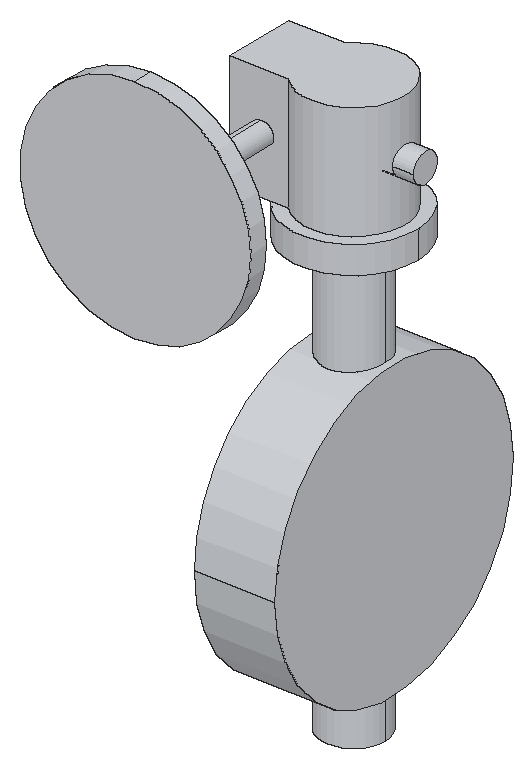
Revit family "HS497-68_disk-nerez_převodové kolo DN150-RFA_2018", category Pipe Accessories, Revit 2018
Family settings
  Round Connector Dimension = Use Diameter
  Part Type = Valve - Breaks Into
  Work Plane-Based = No
  Always vertical = Yes
  Cut with Voids When Loaded = No
  Shared = No
Parameters (values of type "HS 497-68_DN150_PN16_převodové kolo")
  magiProductId = "d94a1a0cf83b476eb10011b327f709"
  magiProductFamilyId = "53cea81e6f374d17b8841d9c72ad77"
  magiPartTypeId = 305
  isMeasuringValve [instance] = no
  ang2D [instance] = 0.00°
  X11 = 61.456 mm
  X1 = 25.456 mm
  W2D = 1000 mm
  VersionID = "2.0/2017.9.26.1/ZETKAMA_497_001"
  Use Minimum Symbol Size [instance] = yes
  URL = "http://www.hydronic.cz"
  Type Comments = "mezipřírubová; nerezový disk; PN16; -10~+110°C (krátkodobě +120°C)"
  SW30 = yes
  SW3 = yes
  SW21 = no
  SW20 = no
  SW2 = no
  SW1 = no
  R = 75 mm
  QmdConnectorList = "301;D;302;D"
  Productdata [instance] = ""
  NC = 50 mm
  Manufacturer = "Hydronic Systems Prague s.r.o."
  MM20 = 25.456 mm
  MC Product Code = "126 150 (nerezový disk, s převodovým kolem; DN150; PN16, kvs1347)"
  M41 = 65.25 mm
  M4 = 43.5 mm
  LHL = 220 mm
  LHH3 = 2.45 mm
  LHH1 = 46.55 mm
  LH1 = 73.333 mm
  L4R__ve = -L4R  # -13.5 mm
  L4R = 13.5 mm
  L42__ve = -L42  # -101.25 mm
  L42 = 101.25 mm
  L41__ve = -L41  # -20.25 mm
  L41 = 20.25 mm
  L2D_Min = 3048 mm
  L2D = 216 mm
  L2 = 28 mm
  L1 = 44.8 mm
  L = 56 mm
  H = 33 mm
  G22 = 11.25 mm
  G2 = 22.5 mm
  G1 = 90 mm
  G = 90 mm
  F = 14 mm
  E44 = 40 mm
  E42 = 80 mm
  E4 = 160 mm
  E23 = 4.9 mm
  E22 = 19.6 mm
  E21 = 9.8 mm
  Description = "Mezipřírubová uzavírací klapka s převodovým kolem; nerezový disk, DN150; PN16; kvs1347"
  DR2 = 75 mm
  DR = 206 mm
  DD1 = 20 mm
  DD = 16 mm
  D = 150 mm
  CAT0 = yes
  B2__ve = -B2  # -58 mm
  B2 = 58 mm
  A2 = 19.3 mm
  A1 = 98.7 mm
Types (43, lengths in mm): name | magiProductId | X11 | X1 | Type Comments | SW30 | SW3 | SW20 | SW2 | SW1 | R | NC | Manufacturer | MM20 | MC Product Code | M41 | M4 | LHL | LHH3 | LHH1 | LH1 | L4R__ve | L4R | L42__ve | L42 | L41__ve | L41 | L2 | L1 | L | H | G | F | E44 | E42 | E4 | E23 | E22 | E21 | Description | DR2 | DR | DD1 | DD | D | B2__ve | B2 | A2 | A1
  HS 497-68_DN100_PN16_volné vřeteno | "65d1b245f4f142c78569c0602d5754" | 61.456 | 25.456 | "mezipřírubová; nerezový disk; PN16; -10~+110°C (krátkodobě +120°C)" | no | no | no | no | yes | 50 | 50 | "Hydronic Systems Prague s.r.o." | 25.456 | "124 100 (nerezový disk, s volným vřetenem; DN100; PN16, kvs512)" | 66 | 44 | 220 | 2.45 | 46.55 | 73.333 | -12.8 | 12.8 | -96 | 96 | -19.2 | 19.2 | 26 | 41.6 | 52 | 30 | 90 | 11 | 31.25 | 62.5 | 125 | 4.9 | 19.6 | 9.8 | "Mezipřírubová uzavírací klapka s volným vřetenem; nerezový disk, DN100; PN16; kvs512" | 50 | 147 | 15.625 | 12.5 | 100 | -56 | 56 | 16.5 | 98.5
  HS 497-68_DN100_PN16_převodové kolo | "11e91b807e674d428c8e796fcdcfe2" | 61.456 | 25.456 | "mezipřírubová; nerezový disk; PN16; -10~+110°C (krátkodobě +120°C)" | yes | yes | no | no | no | 50 | 50 | "Hydronic Systems Prague s.r.o." | 25.456 | "126 100 (nerezový disk, s převodovým kolem; DN100; PN16, kvs512)" | 65.25 | 43.5 | 220 | 2.45 | 46.55 | 73.333 | -12.8 | 12.8 | -96 | 96 | -19.2 | 19.2 | 26 | 41.6 | 52 | 30 | 90 | 11 | 31.25 | 62.5 | 125 | 4.9 | 19.6 | 9.8 | "Mezipřírubová uzavírací klapka s převodovým kolem; nerezový disk, DN100; PN16; kvs512" | 50 | 147 | 15.625 | 12.5 | 100 | -56 | 56 | 16.5 | 98.5
  HS 497-68_DN100_PN16_s pákou | "28172f0b3f4b47b28323ac71cf8749" | 61.456 | 25.456 | "mezipřírubová; nerezový disk; PN16; -10~+110°C (krátkodobě +120°C)" | no | no | yes | yes | no | 50 | 50 | "Hydronic Systems Prague s.r.o." | 25.456 | "121 100 (nerezový disk, s pákou; DN100; PN16, kvs512)" | 66 | 44 | 260 | 3 | 57 | 86.667 | -12.8 | 12.8 | -96 | 96 | -19.2 | 19.2 | 26 | 41.6 | 52 | 30 | 90 | 11 | 31.25 | 62.5 | 125 | 6 | 24 | 12 | "Mezipřírubová uzavírací klapka s pákou; nerezový disk, DN100; PN16; kvs512" | 50 | 147 | 15.625 | 12.5 | 100 | -56 | 56 | 16.5 | 98.5
  HS 497-68_DN125_PN16_volné vřeteno | "0d813d910fc14f628bb3c2efbd185c" | 61.456 | 25.456 | "mezipřírubová; nerezový disk; PN16; -10~+110°C (krátkodobě +120°C)" | no | no | no | no | yes | 62.5 | 50 | "Hydronic Systems Prague s.r.o." | 25.456 | "124 125 (nerezový disk, s volným vřetenem; DN125; PN16, kvs872)" | 66 | 44 | 220 | 2.45 | 46.55 | 73.333 | -12.8 | 12.8 | -96 | 96 | -19.2 | 19.2 | 28 | 44.8 | 56 | 33 | 90 | 14 | 31.25 | 62.5 | 125 | 4.9 | 19.6 | 9.8 | "Mezipřírubová uzavírací klapka s volným vřetenem; nerezový disk, DN125; PN16; kvs872" | 62.5 | 180 | 15.625 | 12.5 | 125 | -64 | 64 | 18 | 99.5
  HS 497-68_DN125_PN16_převodové kolo | "c56b7c13f372467684996fb1e0e229" | 61.456 | 25.456 | "mezipřírubová; nerezový disk; PN16; -10~+110°C (krátkodobě +120°C)" | yes | yes | no | no | no | 62.5 | 50 | "Hydronic Systems Prague s.r.o." | 25.456 | "126125 (nerezový disk, s převodovým kolem; DN125; PN16, kvs872)" | 65.25 | 43.5 | 220 | 2.45 | 46.55 | 73.333 | -13.5 | 13.5 | -101.25 | 101.25 | -20.25 | 20.25 | 28 | 44.8 | 56 | 33 | 90 | 14 | 40 | 80 | 160 | 4.9 | 19.6 | 9.8 | "Mezipřírubová uzavírací klapka s převodovým kolem; nerezový disk, DN125; PN16; kvs872" | 62.5 | 180 | 20 | 16 | 125 | -64 | 64 | 18 | 99.5
  HS 497-68_DN125_PN16_s pákou | "105993c79a91492399feef7931321a" | 61.456 | 25.456 | "mezipřírubová; nerezový disk; PN16; -10~+110°C (krátkodobě +120°C)" | no | no | yes | yes | no | 62.5 | 50 | "Hydronic Systems Prague s.r.o." | 25.456 | "121 125 (nerezový disk, s pákou; DN125; PN16, kvs872)" | 66 | 44 | 315 | 3.75 | 71.25 | 105 | -12.8 | 12.8 | -96 | 96 | -19.2 | 19.2 | 28 | 44.8 | 56 | 33 | 90 | 14 | 31.25 | 62.5 | 125 | 7.5 | 30 | 15 | "Mezipřírubová uzavírací klapka s pákou; nerezový disk, DN125; PN16; kvs872" | 62.5 | 180 | 15.625 | 12.5 | 125 | -64 | 64 | 18 | 99.5
  HS 497-68_DN150_PN16_volné vřeteno | "50c80cb8ab434f55ab7796e5ac1331" | 61.456 | 25.456 | "mezipřírubová; nerezový disk; PN16; -10~+110°C (krátkodobě +120°C)" | no | no | no | no | yes | 75 | 50 | "Hydronic Systems Prague s.r.o." | 25.456 | "124 150 (nerezový disk, s volným vřetenem; DN150; PN16, kvs1347)" | 66 | 44 | 220 | 2.45 | 46.55 | 73.333 | -12.8 | 12.8 | -96 | 96 | -19.2 | 19.2 | 28 | 44.8 | 56 | 33 | 90 | 14 | 31.25 | 62.5 | 125 | 4.9 | 19.6 | 9.8 | "Mezipřírubová uzavírací klapka s volným vřetenem; nerezový disk, DN150; PN16; kvs1347" | 75 | 206 | 15.625 | 12.5 | 150 | -58 | 58 | 19.3 | 98.7
  HS 497-68_DN150_PN16_převodové kolo | "d94a1a0cf83b476eb10011b327f709" | 61.456 | 25.456 | "mezipřírubová; nerezový disk; PN16; -10~+110°C (krátkodobě +120°C)" | yes | yes | no | no | no | 75 | 50 | "Hydronic Systems Prague s.r.o." | 25.456 | "126 150 (nerezový disk, s převodovým kolem; DN150; PN16, kvs1347)" | 65.25 | 43.5 | 220 | 2.45 | 46.55 | 73.333 | -13.5 | 13.5 | -101.25 | 101.25 | -20.25 | 20.25 | 28 | 44.8 | 56 | 33 | 90 | 14 | 40 | 80 | 160 | 4.9 | 19.6 | 9.8 | "Mezipřírubová uzavírací klapka s převodovým kolem; nerezový disk, DN150; PN16; kvs1347" | 75 | 206 | 20 | 16 | 150 | -58 | 58 | 19.3 | 98.7
  HS 497-68_DN150_PN16_s pákou | "4d2835523fe84828bc50ff0a5a0dfb" | 61.456 | 25.456 | "mezipřírubová; nerezový disk; PN16; -10~+110°C (krátkodobě +120°C)" | no | no | yes | yes | no | 75 | 50 | "Hydronic Systems Prague s.r.o." | 25.456 | "121 150 (nerezový disk, s pákou; DN150; PN16, kvs1347)" | 66 | 44 | 315 | 3.75 | 71.25 | 105 | -12.8 | 12.8 | -96 | 96 | -19.2 | 19.2 | 28 | 44.8 | 56 | 33 | 90 | 14 | 31.25 | 62.5 | 125 | 7.5 | 30 | 15 | "Mezipřírubová uzavírací klapka s pákou; nerezový disk, DN150; PN16; kvs1347" | 75 | 206 | 15.625 | 12.5 | 150 | -58 | 58 | 19.3 | 98.7
  HS 497-68_DN200_PN16_volné vřeteno | "5b29029eaeba47139ee1055a4b9201" | 61.456 | 25.456 | "mezipřírubová; nerezový disk; PN16; -10~+110°C (krátkodobě +120°C)" | no | no | no | no | yes | 100 | 50 | "Hydronic Systems Prague s.r.o." | 25.456 | "124 200 (nerezový disk, s volným vřetenem; DN200; PN16, kvs2675)" | 66 | 44 | 220 | 2.45 | 46.55 | 73.333 | -12.8 | 12.8 | -96 | 96 | -19.2 | 19.2 | 30 | 48 | 60 | 33 | 90 | 17 | 31.25 | 62.5 | 125 | 4.9 | 19.6 | 9.8 | "Mezipřírubová uzavírací klapka s volným vřetenem; nerezový disk, DN200; PN16; kvs2675" | 100 | 257 | 15.625 | 12.5 | 200 | -70 | 70 | 22.5 | 102.5
  HS 497-68_DN200_PN16_převodové kolo | "b2793cc1fcc44cf2a35062cd67c04f" | 61.456 | 25.456 | "mezipřírubová; nerezový disk; PN16; -10~+110°C (krátkodobě +120°C)" | yes | yes | no | no | no | 100 | 57 | "Hydronic Systems Prague s.r.o." | 25.456 | "126 200 (nerezový disk, s převodovým kolem; DN200; PN16, kvs2675)" | 78.75 | 52.5 | 220 | 2.45 | 46.55 | 73.333 | -15.2 | 15.2 | -114 | 114 | -22.8 | 22.8 | 30 | 48 | 60 | 33 | 90 | 17 | 50 | 100 | 200 | 4.9 | 19.6 | 9.8 | "Mezipřírubová uzavírací klapka s převodovým kolem; nerezový disk, DN200; PN16; kvs2675" | 100 | 257 | 25 | 20 | 200 | -70 | 70 | 22.5 | 102.5
  HS 497-68_DN200_PN16_s pákou | "f88d96c7af224537a51e72d7d8fffe" | 61.456 | 25.456 | "mezipřírubová; nerezový disk; PN16; -10~+110°C (krátkodobě +120°C)" | no | no | yes | yes | no | 100 | 50 | "Hydronic Systems Prague s.r.o." | 25.456 | "121 200 (nerezový disk, s pákou; DN200; PN16, kvs2675)" | 66 | 44 | 315 | 3.75 | 71.25 | 105 | -12.8 | 12.8 | -96 | 96 | -19.2 | 19.2 | 30 | 48 | 60 | 33 | 90 | 17 | 31.25 | 62.5 | 125 | 7.5 | 30 | 15 | "Mezipřírubová uzavírací klapka s pákou; nerezový disk, DN200; PN16; kvs2675" | 100 | 257 | 15.625 | 12.5 | 200 | -70 | 70 | 22.5 | 102.5
  HS 497-68_DN250_PN16_volné vřeteno | "b662e8305ca2402b9c510e66e6aa55" | 88.77 | 36.77 | "mezipřírubová; nerezový disk; PN16; -10~+110°C (krátkodobě +120°C)" | no | no | no | no | yes | 125 | 50 | "Hydronic Systems Prague s.r.o." | 36.77 | "124 250 (nerezový disk, s volným vřetenem; DN250; PN16, kvs4555)" | 66 | 44 | 220 | 2.45 | 46.55 | 73.333 | -12.8 | 12.8 | -96 | 96 | -19.2 | 19.2 | 34 | 54.4 | 68 | 23 | 130 | 22 | 31.25 | 62.5 | 125 | 4.9 | 19.6 | 9.8 | "Mezipřírubová uzavírací klapka s volným vřetenem; nerezový disk, DN250; PN16; kvs4555" | 125 | 324 | 15.625 | 12.5 | 250 | -85 | 85 | 28.25 | 129.25
  HS 497-68_DN250_PN16_převodové kolo | "5ee9016806664ddfaa2632711f295c" | 88.77 | 36.77 | "mezipřírubová; nerezový disk; PN16; -10~+110°C (krátkodobě +120°C)" | yes | yes | no | no | no | 125 | 70 | "Hydronic Systems Prague s.r.o." | 36.77 | "126 250 (nerezový disk, s převodovým kolem; DN250; PN16, kvs4555)" | 91.5 | 61 | 220 | 2.45 | 46.55 | 73.333 | -22.2 | 22.2 | -166.5 | 166.5 | -33.3 | 33.3 | 34 | 54.4 | 68 | 23 | 130 | 22 | 62.5 | 125 | 250 | 4.9 | 19.6 | 9.8 | "Mezipřírubová uzavírací klapka s převodovým kolem; nerezový disk, DN250; PN16; kvs4555" | 125 | 324 | 31.25 | 25 | 250 | -85 | 85 | 28.25 | 129.25
  HS 497-68_DN300_PN16_volné vřeteno | "e1886f51ff004380a649519258edf2" | 88.77 | 36.77 | "mezipřírubová; nerezový disk; PN16; -10~+110°C (krátkodobě +120°C)" | no | no | no | no | yes | 150 | 50 | "Hydronic Systems Prague s.r.o." | 36.77 | "124 300 (nerezový disk, s volným vřetenem; DN300; PN16, kvs7037)" | 66 | 44 | 220 | 2.45 | 46.55 | 73.333 | -12.8 | 12.8 | -96 | 96 | -19.2 | 19.2 | 39 | 62.4 | 78 | 23 | 130 | 22 | 31.25 | 62.5 | 125 | 4.9 | 19.6 | 9.8 | "Mezipřírubová uzavírací klapka s volným vřetenem; nerezový disk, DN300; PN16; kvs7037" | 150 | 376 | 15.625 | 12.5 | 300 | -90 | 90 | 30.8 | 127.2
  HS 497-68_DN300_PN16_převodové kolo | "6860f094f77d42088fbebc3c97f755" | 88.77 | 36.77 | "mezipřírubová; nerezový disk; PN16; -10~+110°C (krátkodobě +120°C)" | yes | yes | no | no | no | 150 | 70 | "Hydronic Systems Prague s.r.o." | 36.77 | "126 300 (nerezový disk, s převodovým kolem; DN300; PN16, kvs7037)" | 91.5 | 61 | 220 | 2.45 | 46.55 | 73.333 | -22.2 | 22.2 | -166.5 | 166.5 | -33.3 | 33.3 | 39 | 62.4 | 78 | 23 | 130 | 22 | 62.5 | 125 | 250 | 4.9 | 19.6 | 9.8 | "Mezipřírubová uzavírací klapka s převodovým kolem; nerezový disk, DN300; PN16; kvs7037" | 150 | 376 | 31.25 | 25 | 300 | -90 | 90 | 30.8 | 127.2
  HS 497-68_DN032_PN16_volné vřeteno | "8c5f65de52aa4067a77564107e31b2" | 61.456 | 25.456 | "mezipřírubová; nerezový disk; PN16; -10~+110°C (krátkodobě +120°C)" | no | no | no | no | yes | 16 | 50 | "Hydronic Systems Prague s.r.o." | 25.456 | "124 032 (nerezový disk, s volným vřetenem; DN32; PN16, kvs78)" | 66 | 44 | 220 | 2.45 | 46.55 | 73.333 | -12.8 | 12.8 | -96 | 96 | -19.2 | 19.2 | 16.5 | 26.4 | 33 | 30 | 90 | 11 | 31.25 | 62.5 | 125 | 4.9 | 19.6 | 9.8 | "Mezipřírubová uzavírací klapka s volným vřetenem; nerezový disk, DN32; PN16; kvs78" | 16 | 68 | 15.625 | 12.5 | 32 | -44.2 | 44.2 | 10.25 | 76.25
  HS 497-68_DN032_PN16_převodové kolo | "60aaeffa8b3a4e809ef000e4660060" | 61.456 | 25.456 | "mezipřírubová; nerezový disk; PN16; -10~+110°C (krátkodobě +120°C)" | yes | yes | no | no | no | 16 | 50 | "Hydronic Systems Prague s.r.o." | 25.456 | "126 032 (nerezový disk, s převodovým kolem; DN32; PN16, kvs78)" | 65.25 | 43.5 | 220 | 2.45 | 46.55 | 73.333 | -12.8 | 12.8 | -96 | 96 | -19.2 | 19.2 | 16.5 | 26.4 | 33 | 30 | 90 | 11 | 31.25 | 62.5 | 125 | 4.9 | 19.6 | 9.8 | "Mezipřírubová uzavírací klapka s převodovým kolem; nerezový disk, DN32; PN16; kvs78" | 16 | 68 | 15.625 | 12.5 | 32 | -44.2 | 44.2 | 10.25 | 76.25
  HS 497-68_DN032_PN16_s pákou | "9ad8088d610749a1b871aa2aad8007" | 61.456 | 25.456 | "mezipřírubová; nerezový disk; PN16; -10~+110°C (krátkodobě +120°C)" | no | no | yes | yes | no | 16 | 50 | "Hydronic Systems Prague s.r.o." | 25.456 | "121 032 (nerezový disk, s pákou; DN32; PN16, kvs78)" | 66 | 44 | 220 | 2.45 | 46.55 | 73.333 | -12.8 | 12.8 | -96 | 96 | -19.2 | 19.2 | 16.5 | 26.4 | 33 | 30 | 90 | 11 | 31.25 | 62.5 | 125 | 4.9 | 19.6 | 9.8 | "Mezipřírubová uzavírací klapka s pákou; nerezový disk, DN32; PN16; kvs78" | 16 | 68 | 15.625 | 12.5 | 32 | -44.2 | 44.2 | 10.25 | 76.25
  HS 497-68_DN350_PN10_volné vřeteno | "72a1e05f22944421b7e9596a877137" | 109.255 | 45.255 | "mezipřírubová; nerezový disk; PN10; -10~+110°C (krátkodobě +120°C)" | no | no | no | no | yes | 175 | 50 | "Hydronic Systems Prague s.r.o." | 45.255 | "124 350 (nerezový disk, s volným vřetenem; DN350; PN10, kvs10165)" | 66 | 44 | 220 | 2.45 | 46.55 | 73.333 | -12.8 | 12.8 | -96 | 96 | -19.2 | 19.2 | 39 | 62.4 | 78 | 31 | 160 | 22 | 31.25 | 62.5 | 125 | 4.9 | 19.6 | 9.8 | "Mezipřírubová uzavírací klapka s volným vřetenem; nerezový disk, DN350; PN10; kvs10165" | 175 | 430 | 15.625 | 12.5 | 350 | -88 | 88 | 33.85 | 129.65
  HS 497-68_DN350_PN10_převodové kolo | "a5a01426cb28494ba3afca92f1dace" | 109.255 | 45.255 | "mezipřírubová; nerezový disk; PN10; -10~+110°C (krátkodobě +120°C)" | yes | yes | no | no | no | 175 | 70 | "Hydronic Systems Prague s.r.o." | 45.255 | "126 350 (nerezový disk, s převodovým kolem; DN350; PN10, kvs10165)" | 91.5 | 61 | 220 | 2.45 | 46.55 | 73.333 | -22.2 | 22.2 | -166.5 | 166.5 | -33.3 | 33.3 | 39 | 62.4 | 78 | 31 | 160 | 22 | 62.5 | 125 | 250 | 4.9 | 19.6 | 9.8 | "Mezipřírubová uzavírací klapka s převodovým kolem; nerezový disk, DN350; PN10; kvs10165" | 175 | 430 | 31.25 | 25 | 350 | -88 | 88 | 33.85 | 129.65
  HS 497-68_DN400_PN10_volné vřeteno | "c70ebeb927c04ab99b176e257ad0a7" | 109.255 | 45.255 | "mezipřírubová; nerezový disk; PN10; -10~+110°C (krátkodobě +120°C)" | no | no | no | no | yes | 200 | 50 | "Hydronic Systems Prague s.r.o." | 45.255 | "124 400 (nerezový disk, s volným vřetenem; DN400; PN10, kvs13799)" | 66 | 44 | 220 | 2.45 | 46.55 | 73.333 | -12.8 | 12.8 | -96 | 96 | -19.2 | 19.2 | 51 | 81.6 | 102 | 31 | 160 | 27 | 31.25 | 62.5 | 125 | 4.9 | 19.6 | 9.8 | "Mezipřírubová uzavírací klapka s volným vřetenem; nerezový disk, DN400; PN10; kvs13799" | 200 | 485 | 15.625 | 12.5 | 400 | -108 | 108 | 38 | 142
  HS 497-68_DN400_PN10_převodové kolo | "cc64a4384dcb41b780d81810f4f293" | 109.255 | 45.255 | "mezipřírubová; nerezový disk; PN10; -10~+110°C (krátkodobě +120°C)" | yes | yes | no | no | no | 200 | 72.5 | "Hydronic Systems Prague s.r.o." | 45.255 | "126 400 (nerezový disk, s převodovým kolem; DN400; PN10, kvs13799)" | 103.5 | 69 | 220 | 2.45 | 46.55 | 73.333 | -27.8 | 27.8 | -208.5 | 208.5 | -41.7 | 41.7 | 51 | 81.6 | 102 | 31 | 160 | 27 | 75 | 150 | 300 | 4.9 | 19.6 | 9.8 | "Mezipřírubová uzavírací klapka s převodovým kolem; nerezový disk, DN400; PN10; kvs13799" | 200 | 485 | 37.5 | 30 | 400 | -108 | 108 | 38 | 142
  HS 497-68_DN040_PN16_volné vřeteno | "35f92312390745e88df5b5c325d9ee" | 61.456 | 25.456 | "mezipřírubová; nerezový disk; PN16; -10~+110°C (krátkodobě +120°C)" | no | no | no | no | yes | 20 | 50 | "Hydronic Systems Prague s.r.o." | 25.456 | "124 040 (nerezový disk, s volným vřetenem; DN40; PN16, kvs78)" | 66 | 44 | 220 | 2.45 | 46.55 | 73.333 | -12.8 | 12.8 | -96 | 96 | -19.2 | 19.2 | 16.5 | 26.4 | 33 | 30 | 90 | 11 | 31.25 | 62.5 | 125 | 4.9 | 19.6 | 9.8 | "Mezipřírubová uzavírací klapka s volným vřetenem; nerezový disk, DN40; PN16; kvs78" | 20 | 76 | 15.625 | 12.5 | 40 | -36 | 36 | 11 | 79
  HS 497-68_DN040_PN16_převodové kolo | "d88e968eae3445bc9b7b4e6ff35127" | 61.456 | 25.456 | "mezipřírubová; nerezový disk; PN16; -10~+110°C (krátkodobě +120°C)" | yes | yes | no | no | no | 20 | 50 | "Hydronic Systems Prague s.r.o." | 25.456 | "126 040 (nerezový disk, s převodovým kolem; DN40; PN16, kvs78)" | 65.25 | 43.5 | 220 | 2.45 | 46.55 | 73.333 | -12.8 | 12.8 | -96 | 96 | -19.2 | 19.2 | 16.5 | 26.4 | 33 | 30 | 90 | 11 | 31.25 | 62.5 | 125 | 4.9 | 19.6 | 9.8 | "Mezipřírubová uzavírací klapka s převodovým kolem; nerezový disk, DN40; PN16; kvs78" | 20 | 76 | 15.625 | 12.5 | 40 | -36 | 36 | 11 | 79
  HS 497-68_DN040_PN16_s pákou | "c1b522ca65b4407a98818f232eaacb" | 61.456 | 25.456 | "mezipřírubová; nerezový disk; PN16; -10~+110°C (krátkodobě +120°C)" | no | no | yes | yes | no | 20 | 50 | "Hydronic Systems Prague s.r.o." | 25.456 | "121 040 (nerezový disk, s pákou; DN40; PN16, kvs78)" | 66 | 44 | 220 | 2.45 | 46.55 | 73.333 | -12.8 | 12.8 | -96 | 96 | -19.2 | 19.2 | 16.5 | 26.4 | 33 | 30 | 90 | 11 | 31.25 | 62.5 | 125 | 4.9 | 19.6 | 9.8 | "Mezipřírubová uzavírací klapka s pákou; nerezový disk, DN40; PN16; kvs78" | 20 | 76 | 15.625 | 12.5 | 40 | -36 | 36 | 11 | 79
  HS 497-68_DN450_PN10_volné vřeteno | "a8358bc282f14872b3194e530e590a" | 129.74 | 53.74 | "mezipřírubová; nerezový disk; PN10; -10~+110°C (krátkodobě +120°C)" | no | no | no | no | yes | 225 | 50 | "Hydronic Systems Prague s.r.o." | 53.74 | "124 450 (nerezový disk, s volným vřetenem; DN450; PN10, kvs18514)" | 66 | 44 | 220 | 2.45 | 46.55 | 73.333 | -12.8 | 12.8 | -96 | 96 | -19.2 | 19.2 | 57 | 91.2 | 114 | 38 | 190 | 36 | 31.25 | 62.5 | 125 | 4.9 | 19.6 | 9.8 | "Mezipřírubová uzavírací klapka s volným vřetenem; nerezový, DN450; PN10; kvs18514" | 225 | 536 | 15.625 | 12.5 | 450 | -115 | 115 | 38.05 | 117.45
  HS 497-68_DN450_PN10_převodové kolo | "cdf2d80f54a9414f9cbe50647c0ebd" | 129.74 | 53.74 | "mezipřírubová; nerezový disk; PN10; -10~+110°C (krátkodobě +120°C)" | yes | yes | no | no | no | 225 | 91.5 | "Zetkama" | 53.74 | "126 450 (nerezový disk, s převodovým kolem; DN450; PN10, kvs18514)" | 144.75 | 96.5 | 220 | 2.45 | 46.55 | 73.333 | -32.1 | 32.1 | -240.75 | 240.75 | -48.15 | 48.15 | 57 | 91.2 | 114 | 38 | 190 | 36 | 100 | 200 | 400 | 4.9 | 19.6 | 9.8 | "Mezipřírubová uzavírací klapka s převodovým kolem; nerezový disk, DN450; PN10; kvs18514" | 225 | 536 | 50 | 40 | 450 | -115 | 115 | 38.05 | 117.45
  HS 497-68_DN500_PN10_volné vřeteno | "8c396e27bb2743f98f3c762b6517cd" | 143.397 | 59.397 | "mezipřírubová; nerezový disk; PN10; -10~+110°C (krátkodobě +120°C)" | no | no | no | no | yes | 250 | 50 | "Hydronic Systems Prague s.r.o." | 59.397 | "124 500 (nerezový disk, s volným vřetenem; DN500; PN10, kvs23805)" | 66 | 44 | 220 | 2.45 | 46.55 | 73.333 | -12.8 | 12.8 | -96 | 96 | -19.2 | 19.2 | 63.5 | 101.6 | 127 | 38 | 210 | 36 | 31.25 | 62.5 | 125 | 4.9 | 19.6 | 9.8 | "Mezipřírubová uzavírací klapka s volným vřetenem; nerezový disk, DN500; PN10; kvs23805" | 250 | 593 | 15.625 | 12.5 | 500 | -130 | 130 | 43.25 | 139.25
  HS 497-68_DN500_PN10_převodové kolo | "7647804f32e94cef828a7034a91a46" | 143.397 | 59.397 | "mezipřírubová; nerezový disk; PN10; -10~+110°C (krátkodobě +120°C)" | yes | yes | no | no | no | 250 | 91.5 | "Zetkama" | 59.397 | "126 500 (nerezový disk, s převodovým kolem; DN500; PN10, kvs23805)" | 144.75 | 96.5 | 220 | 2.45 | 46.55 | 73.333 | -32.1 | 32.1 | -240.75 | 240.75 | -48.15 | 48.15 | 63.5 | 101.6 | 127 | 38 | 210 | 36 | 100 | 200 | 400 | 4.9 | 19.6 | 9.8 | "Mezipřírubová uzavírací klapka s převodovým kolem; nerezový disk, DN500; PN10; kvs23805" | 250 | 593 | 50 | 40 | 500 | -130 | 130 | 43.25 | 139.25
  HS 497-68_DN050_volné vřeteno | "d71f296ecd6d4adf8f6e5d9853b4e0" | 61.456 | 25.456 | "mezipřírubová; nerezový disk; PN16; -10~+110°C (krátkodobě +120°C)" | no | no | no | no | yes | 25 | 50 | "Hydronic Systems Prague s.r.o." | 25.456 | "124 050 (nerezový disk, s volným vřetenem; DN50; PN16, kvs98)" | 66 | 44 | 220 | 2.45 | 46.55 | 73.333 | -12.8 | 12.8 | -96 | 96 | -19.2 | 19.2 | 21.5 | 34.4 | 43 | 30 | 90 | 11 | 31.25 | 62.5 | 125 | 4.9 | 19.6 | 9.8 | "Mezipřírubová uzavírací klapka s volným vřetenem; nerezový disk, DN50; PN16; kvs98" | 25 | 100 | 15.625 | 12.5 | 50 | -36.5 | 36.5 | 12 | 83
  HS 497-68_DN050_PN16_převodové kolo | "2fb080deeaed49c58418b94c1da5a4" | 61.456 | 25.456 | "mezipřírubová; nerezový disk; PN16; -10~+110°C (krátkodobě +120°C)" | yes | yes | no | no | no | 25 | 50 | "Hydronic Systems Prague s.r.o." | 25.456 | "126 050 (nerezový disk, s převodovým kolem; DN50; PN16, kvs98)" | 65.25 | 43.5 | 220 | 2.45 | 46.55 | 73.333 | -12.8 | 12.8 | -96 | 96 | -19.2 | 19.2 | 21.5 | 34.4 | 43 | 30 | 90 | 11 | 31.25 | 62.5 | 125 | 4.9 | 19.6 | 9.8 | "Mezipřírubová uzavírací klapka s převodovým kolem; nerezový disk, DN50; PN16; kvs98" | 25 | 100 | 15.625 | 12.5 | 50 | -36.5 | 36.5 | 12 | 83
  HS 497-68_DN050_PN16_s pákou | "dabc632061f94877a994b9b4e68112" | 61.456 | 25.456 | "mezipřírubová; nerezový disk; PN16; -10~+110°C (krátkodobě +120°C)" | no | no | yes | yes | no | 25 | 50 | "Hydronic Systems Prague s.r.o." | 25.456 | "121 050 (nerezový disk, s pákou; DN50; PN16, kvs98)" | 66 | 44 | 220 | 2.45 | 46.55 | 73.333 | -12.8 | 12.8 | -96 | 96 | -19.2 | 19.2 | 21.5 | 34.4 | 43 | 30 | 90 | 11 | 31.25 | 62.5 | 125 | 4.9 | 19.6 | 9.8 | "Mezipřírubová uzavírací klapka s pákou; nerezový disk, DN50; PN16; kvs98" | 25 | 100 | 15.625 | 12.5 | 50 | -36.5 | 36.5 | 12 | 83
  HS 497-68_DN600_PN10_volné vřeteno | "99d5892c14664fce81a7c5903f7711" | 143.397 | 59.397 | "mezipřírubová; nerezový disk; PN10; -10~+110°C (krátkodobě +120°C)" | no | no | no | no | yes | 300 | 50 | "Hydronic Systems Prague s.r.o." | 59.397 | "124 600 (nerezový disk, s volným vřetenem; DN600; PN10, kvs36778)" | 66 | 44 | 220 | 2.45 | 46.55 | 73.333 | -12.8 | 12.8 | -96 | 96 | -19.2 | 19.2 | 77 | 123.2 | 154 | 80 | 210 | 60 | 31.25 | 62.5 | 125 | 4.9 | 19.6 | 9.8 | "Mezipřírubová uzavírací klapka s volným vřetenem; nerezový disk, DN600; PN10; kvs36788" | 300 | 690 | 15.625 | 12.5 | 600 | -140 | 140 | 49.4 | 144.6
  HS 497-68_DN600_PN10_převodové kolo | "b1e26faab48a4c499f6bb11e7e3002" | 143.397 | 59.397 | "mezipřírubová; lnerezový disk; PN10; -10~+110°C (krátkodobě +120°C)" | yes | yes | no | no | no | 300 | 140 | "Hydronic Systems Prague s.r.o." | 59.397 | "126 600 (nerezový disk, s převodovým kolem; DN600; PN10, kvs36778)" | 206.25 | 137.5 | 220 | 2.45 | 46.55 | 73.333 | -40.8 | 40.8 | -306 | 306 | -61.2 | 61.2 | 77 | 123.2 | 154 | 80 | 210 | 60 | 125 | 250 | 500 | 4.9 | 19.6 | 9.8 | "Mezipřírubová uzavírací klapka s převodovým kolem; nerezový disk, DN600; PN10; kvs36788" | 300 | 690 | 62.5 | 50 | 600 | -140 | 140 | 49.4 | 144.6
  HS 497-68_DN065_PN16_volné vřeteno | "5e5e208646e34ec29f889baab5d08e" | 61.456 | 25.456 | "mezipřírubová; lnerezový disk; PN16; -10~+110°C (krátkodobě +120°C)" | no | no | no | no | yes | 32.5 | 50 | "Hydronic Systems Prague s.r.o." | 25.456 | "124 065 (nerezový disk, s volným vřetenem; DN65; PN16, kvs167)" | 66 | 44 | 220 | 2.45 | 46.55 | 73.333 | -12.8 | 12.8 | -96 | 96 | -19.2 | 19.2 | 23 | 36.8 | 46 | 30 | 90 | 11 | 31.25 | 62.5 | 125 | 4.9 | 19.6 | 9.8 | "Mezipřírubová uzavírací klapka s volným vřetenem; nerezový disk, DN65; PN16; kv167" | 32.5 | 108 | 15.625 | 12.5 | 65 | -36.5 | 36.5 | 13.5 | 89
  HS 497-68_DN065_PN16_převodové kolo | "654d74c8d15540b0bfe523d988ccb3" | 61.456 | 25.456 | "mezipřírubová; nerezový disk; PN16; -10~+110°C (krátkodobě +120°C)" | yes | yes | no | no | no | 32.5 | 50 | "Hydronic Systems Prague s.r.o." | 25.456 | "126 065 (nerezový disk, s převodovým kolem; DN65; PN16, kvs167)" | 65.25 | 43.5 | 220 | 2.45 | 46.55 | 73.333 | -12.8 | 12.8 | -96 | 96 | -19.2 | 19.2 | 23 | 36.8 | 46 | 30 | 90 | 11 | 31.25 | 62.5 | 125 | 4.9 | 19.6 | 9.8 | "Mezipřírubová uzavírací klapka s převodovým kolem; nerezový disk, DN65; PN16; kvs167" | 32.5 | 108 | 15.625 | 12.5 | 65 | -36.5 | 36.5 | 13.5 | 89
  HS 497-68_DN065_PN16_s pákou | "ebeb4b59db0641caaf6d6635ab37b9" | 61.456 | 25.456 | "mezipřírubová; nerezový disk; PN16; -10~+110°C (krátkodobě +120°C)" | no | no | yes | yes | no | 32.5 | 50 | "Hydronic Systems Prague s.r.o." | 25.456 | "121 065 (nerezový disk, s pákou; DN65; PN16, kvs167)" | 66 | 44 | 220 | 2.45 | 46.55 | 73.333 | -12.8 | 12.8 | -96 | 96 | -19.2 | 19.2 | 23 | 36.8 | 46 | 30 | 90 | 11 | 31.25 | 62.5 | 125 | 4.9 | 19.6 | 9.8 | "Mezipřírubová uzavírací klapka s pákou; nerezový disk, DN65; PN16; kvs167" | 32.5 | 108 | 15.625 | 12.5 | 65 | -36.5 | 36.5 | 13.5 | 89
  HS 497-68_DN080_PN16_volné vřeteno | "9e85c75c18654e1185a9c48ed6b00e" | 61.456 | 25.456 | "mezipřírubová; nerezový disk; PN16; -10~+110°C (krátkodobě +120°C)" | no | no | no | no | yes | 40 | 50 | "Hydronic Systems Prague s.r.o." | 25.456 | "124 080 (nerezový disk, s volným vřetenem; DN80; PN16, kvs258)" | 66 | 44 | 220 | 2.45 | 46.55 | 73.333 | -12.8 | 12.8 | -96 | 96 | -19.2 | 19.2 | 23 | 36.8 | 46 | 30 | 90 | 11 | 31.25 | 62.5 | 125 | 4.9 | 19.6 | 9.8 | "Mezipřírubová uzavírací klapka s volným vřetenem; nerezový disk, DN80; PN16; kvs258" | 40 | 124 | 15.625 | 12.5 | 80 | -54 | 54 | 14.1 | 86.9
  HS 497-68_DN080_PN16_převodové kolo | "5b3c8238c3d041e68c75b199e7ea46" | 61.456 | 25.456 | "mezipřírubová; nerezový disk; PN16; -10~+110°C (krátkodobě +120°C)" | yes | yes | no | no | no | 40 | 50 | "Hydronic Systems Prague s.r.o." | 25.456 | "126 080 (nerezový disk, s převodovým kolem; DN80; PN16, kvs258)" | 65.25 | 43.5 | 220 | 2.45 | 46.55 | 73.333 | -12.8 | 12.8 | -96 | 96 | -19.2 | 19.2 | 23 | 36.8 | 46 | 30 | 90 | 11 | 31.25 | 62.5 | 125 | 4.9 | 19.6 | 9.8 | "Mezipřírubová uzavírací klapka s převodovým kolem; nerezový disk, DN80; PN16; kvs258" | 40 | 124 | 15.625 | 12.5 | 80 | -54 | 54 | 14.1 | 86.9
  HS 497-68_DN080_PN16_s pákou | "e414795fab0f4eccb99bc3572c5477" | 61.456 | 25.456 | "mezipřírubová; nerezový disk; PN16; -10~+110°C (krátkodobě +120°C)" | no | no | yes | yes | no | 40 | 50 | "Hydronic Systems Prague s.r.o." | 25.456 | "121 080 (nerezový disk, s pákou; DN80; PN16, kvs258)" | 66 | 44 | 260 | 3 | 57 | 86.667 | -12.8 | 12.8 | -96 | 96 | -19.2 | 19.2 | 23 | 36.8 | 46 | 30 | 90 | 11 | 31.25 | 62.5 | 125 | 6 | 24 | 12 | "Mezipřírubová uzavírací klapka s pákou; nerezový disk, DN80; PN16; kvs258" | 40 | 124 | 15.625 | 12.5 | 80 | -54 | 54 | 14.1 | 86.9
  HS 497-68_DN250_PN16_s pákou | "" | 88.77 | 36.77 | "mezipřírubová; nerezový disk; PN16; -10~+110°C (krátkodobě +120°C)" | no | no | yes | yes | no | 125 | 70 | "Hydronic Systems Prague s.r.o." | 36.77 | "121 250 (nerezový disk, s ákou; DN250; PN16, kvs4555)" | 91.5 | 61 | 220 | 2.45 | 46.55 | 73.333 | -22.2 | 22.2 | -166.5 | 166.5 | -33.3 | 33.3 | 34 | 54.4 | 68 | 23 | 130 | 22 | 62.5 | 125 | 250 | 4.9 | 19.6 | 9.8 | "Mezipřírubová uzavírací klapka s pákou; nerezový disk, DN250; PN16; kvs4555" | 125 | 324 | 31.25 | 25 | 250 | -85 | 85 | 28.25 | 129.25
  HS 497-68_DN300_PN16_s pákou | "" | 88.77 | 36.77 | "mezipřírubová; nerezový disk; PN16; -10~+110°C (krátkodobě +120°C)" | no | no | yes | yes | no | 150 | 70 | "Hydronic Systems Prague s.r.o." | 36.77 | "121 300 (nerezový disk, s pákou; DN300; PN16, kvs7037)" | 91.5 | 61 | 220 | 2.45 | 46.55 | 73.333 | -22.2 | 22.2 | -166.5 | 166.5 | -33.3 | 33.3 | 39 | 62.4 | 78 | 23 | 130 | 22 | 62.5 | 125 | 250 | 4.9 | 19.6 | 9.8 | "Mezipřírubová uzavírací klapka s pákou; nerezový disk, DN300; PN16; kvs7037" | 150 | 376 | 31.25 | 25 | 300 | -90 | 90 | 30.8 | 127.2
Reference planes
  plane 1 "Center (Front/Back)": y = 0
  plane 2 "XYPLANE": z = 0
  plane 3 "Center (Left/Right)": x = 0
  plane 4 "473": x = -25.456
  plane 5 "472": x = -65.25
  plane 6 "471": y = -25.456
  plane 7 "470": y = 25.456
  plane 8 "469": x = -43.5
  plane 9 "468": y = -121.5
  plane 10 "467": y = -101.25
  plane 11 "466": z = 233
  plane 12 "465": z = 239.55
  plane 13 "464": y = 145.417
  plane 14 "463": z = 229.75
  plane 15 "462": z = 212.6
  plane 16 "461": z = 222.4
  plane 17 "460": y = 72.083
  plane 18 "459": x = -11.25
  plane 19 "458": x = 11.25
  plane 20 "457": y = -6.25
  plane 21 "456": x = -17.5
  plane 22 "455": x = 17.5
  plane 23 "454": z = 227.3
  plane 24 "453": y = 62.083
  plane 25 "452": y = -11.25
  plane 26 "451": x = -22.5
  plane 27 "450": x = 22.5
  plane 28 "449": z = 207.7
  plane 29 "448": z = 202.8
  plane 30 "447": z = -75
  plane 31 "446": z = 193
  plane 32 "445": z = 173.7
  plane 33 "444": z = 75
  plane 34 "443": x = 28
  plane 35 "442": x = -28
  plane 36 "441": z = 0
  plane 37 "440": y = 0
  plane 38 "439": x = 0
  plane 39 "438": z = 242
  plane 40 "437": z = 227.3
  plane 41 "436": x = 13.7
  plane 42 "435": x = -13.7
  plane 43 "434": y = 220
Forms (mm)
  Extrusion 1, solid, visible <- "SW3"
    sketch origin (-750, 0, 193) x (1, 0, 0) y (0, 1, 0)
      loop
        line (684.75, 25.456) -> (684.75, -25.456) -> (724.544, -25.456)
        arc (724.544, -25.456) -> (786, 0) -> (724.544, 25.456) r 36
        line (724.544, 25.456) -> (684.75, 25.456)
    from 0 to 80 <- "E42"
  Extrusion 2, solid, visible <- "SW30"
    sketch origin (0, -750, 0) x (0, 1, 0) y (0, 0, 1)
      loop
        circle (750, 233) r 10
    from 0 to 50 <- "NC"
  Extrusion 3, solid, visible <- "SW30"
    sketch origin (750, -121.5, 0) x (-1, 0, 0) y (0, 0, 1)
      loop
        circle (793.5, 233) r 80
    from 0 to -13.5 <- "L4R__ve"
  Extrusion 4, solid, visible <- "SW3"
    sketch origin (750, -101.25, 0) x (-1, 0, 0) y (0, 0, 1)
      loop
        circle (793.5, 233) r 10
    from 0 to -20.25 <- "L41__ve"
  Extrusion 5, solid, visible <- "SW30"
    sketch origin (750, 0, 0) x (-1, 0, 0) y (0, 0, 1)
      loop
        circle (793.5, 233) r 8
    from 0 to -101.25 <- "L42__ve"
  Blend 6, solid, visible <- "SW21"
    base sketch origin (750, 72.083, 0) x (-1, 0, 0) y (0, 0, 1)
      loop
        line (761.25, 222.4) -> (738.75, 222.4) -> (738.75, 212.6) -> (761.25, 212.6) -> (761.25, 222.4)
    top sketch origin (750, 72.083, 0) x (-1, 0, 0) y (0, 0, 1)
      loop
        line (761.25, 239.55) -> (738.75, 239.55) -> (738.75, 229.75) -> (761.25, 229.75) -> (761.25, 239.55)
    from 0 to 73.333
  Blend 7, solid, visible <- "SW21"
    base sketch origin (750, 62.083, 0) x (-1, 0, 0) y (0, 0, 1)
      loop
        line (761.25, 227.3) -> (738.75, 227.3) -> (738.75, 207.7) -> (761.25, 207.7) -> (761.25, 227.3)
    top sketch origin (750, 62.083, 0) x (-1, 0, 0) y (0, 0, 1)
      loop
        line (761.25, 222.4) -> (738.75, 222.4) -> (738.75, 212.6) -> (761.25, 212.6) -> (761.25, 222.4)
    from 0 to 10
  Blend 8, solid, visible <- "SW21"
    base sketch origin (-750, 0, 207.7) x (1, 0, 0) y (0, 1, 0)
      loop
        line (772.5, 62.083) -> (727.5, 62.083) -> (727.5, -11.25)
        arc (727.5, -11.25) -> (750, -31.25) -> (772.5, -11.25) r 22.656
        line (772.5, -11.25) -> (772.5, 62.083)
    top sketch origin (-750, 0, 207.7) x (1, 0, 0) y (0, 1, 0)
      loop
        line (767.5, 62.083) -> (732.5, 62.083) -> (732.5, -6.25)
        arc (732.5, -6.25) -> (750, -26.25) -> (767.5, -6.25) r 17.656
        line (767.5, -6.25) -> (767.5, 62.083)
    from 0 to 19.6
  Extrusion 9, solid, visible <- "SW2"
    sketch origin (-750, 0, 202.8) x (1, 0, 0) y (0, 1, 0)
      loop
        circle (750, 0) r 11.25
    from 0 to 4.9 <- "E23"
  Extrusion 10, solid, visible <- "SW2"
    sketch origin (-750, 0, 193) x (1, 0, 0) y (0, 1, 0)
      loop
        circle (750, 0) r 45
    from 0 to 9.8 <- "E21"
  Extrusion 11, solid, visible <- "CAT0"
    sketch origin (-750, 0, -75) x (1, 0, 0) y (0, 1, 0)
      loop
        circle (750, 0) r 22.4
    from 0 to -58 <- "B2__ve"
  Extrusion 12, solid, visible <- "CAT0"
    sketch origin (-750, 0, 173.7) x (1, 0, 0) y (0, 1, 0)
      loop
        circle (750, 0) r 45
    from 0 to 19.3 <- "A2"
  Extrusion 13, solid, visible <- "CAT0"
    sketch origin (-750, 0, 75) x (1, 0, 0) y (0, 1, 0)
      loop
        circle (750, 0) r 22.4
    from 0 to 98.7 <- "A1"
  Extrusion 14, solid, visible <- "CAT0"
    sketch origin (-28, -750, 0) x (0, 1, 0) y (0, 0, 1)
      loop
        circle (750, 0) r 103
    from 0 to 56 <- "L"
  Extrusion 15, solid, visible <- "SW1"
    sketch origin (-750, 0, 193) x (1, 0, 0) y (0, 1, 0)
      loop
        line (757, 7) -> (743, 7) -> (743, -7) -> (757, -7) -> (757, 7)
    from 0 to 33 <- "H"
  Blend 16, solid, visible <- "SW2"
    base sketch origin (750, 145.417, 0) x (-1, 0, 0) y (0, 0, 1)
      loop
        arc (763.7, 237) -> (762.236, 240.536) -> (758.7, 242) r 5
        line (758.7, 242) -> (741.3, 242)
        arc (741.3, 242) -> (737.764, 240.536) -> (736.3, 237) r 5
        line (736.3, 237) -> (736.3, 232.3)
        arc (736.3, 232.3) -> (737.764, 228.764) -> (741.3, 227.3) r 5
        line (741.3, 227.3) -> (758.7, 227.3)
        arc (758.7, 227.3) -> (762.236, 228.764) -> (763.7, 232.3) r 5
        line (763.7, 232.3) -> (763.7, 237)
    top sketch origin (750, 145.417, 0) x (-1, 0, 0) y (0, 0, 1)
      loop
        arc (763.7, 237) -> (762.236, 240.536) -> (758.7, 242) r 5
        line (758.7, 242) -> (741.3, 242)
        arc (741.3, 242) -> (737.764, 240.536) -> (736.3, 237) r 5
        line (736.3, 237) -> (736.3, 232.3)
        arc (736.3, 232.3) -> (737.764, 228.764) -> (741.3, 227.3) r 5
        line (741.3, 227.3) -> (758.7, 227.3)
        arc (758.7, 227.3) -> (762.236, 228.764) -> (763.7, 232.3) r 5
        line (763.7, 232.3) -> (763.7, 237)
    from 0 to 74.583
  Blend 17, solid, visible <- "SW20"
    base sketch origin (750, 145.417, 0) x (-1, 0, 0) y (0, 0, 1)
      loop
        line (763.7, 242) -> (736.3, 242) -> (736.3, 227.3) -> (763.7, 227.3) -> (763.7, 242)
    top sketch origin (750, 145.417, 0) x (-1, 0, 0) y (0, 0, 1)
      loop
        line (761.25, 227.3) -> (738.75, 227.3) -> (738.75, 207.7) -> (761.25, 207.7) -> (761.25, 227.3)
    from 0 to -83.333
  Extrusion 18, solid, visible <- "SW20"
    sketch origin (-750, 0, 207.7) x (1, 0, 0) y (0, 1, 0)
      loop
        line (772.5, 62.083) -> (727.5, 62.083) -> (727.5, -11.25)
        arc (727.5, -11.25) -> (750, -31.25) -> (772.5, -11.25) r 22.656
        line (772.5, -11.25) -> (772.5, 62.083)
    from 0 to 19.6 <- "E22"
  Extrusion 19, solid, not visible
    sketch origin (-28, -750, 0) x (0, 1, 0) y (0, 0, 1)
      loop
        circle (750, 0) r 10
    from 0 to 10
  Extrusion 20, solid, not visible
    sketch origin (28, -750, 0) x (0, 1, 0) y (0, 0, 1)
      loop
        circle (750, 0) r 10
    from 0 to -10
Lines and regions (mm)
  reference lines, not visible
    curve 1: circle (2, 2, 0) r 1 normal (0, 0, 1)
  reference lines
    curve 2: line (-25.456, -25.456, 193) -> (-25.456, 25.456, 193)
    curve 3: line (-17.5, -6.25, 207.7) -> (17.5, -6.25, 207.7)
    curve 4: line (-22.5, -11.25, 207.7) -> (22.5, -11.25, 207.7)
    curve 5: circle (0, 0, 193) r 1 normal (0, 0, 1)
    curve 6: line (-22.5, -11.25, 207.7) -> (22.5, -11.25, 207.7)
Dimensions and locks
  plane 1 "Center (Front/Back)" to curve 1 = 2 mm
  "X1": plane 3 "Center (Left/Right)" to plane 4 "473"
  "M41": plane 3 "Center (Left/Right)" to plane 5 "472"
  "MM20": plane 1 "Center (Front/Back)" to plane 6 "471"
  "MM20": plane 1 "Center (Front/Back)" to plane 7 "470"
  "M4": plane 3 "Center (Left/Right)" to plane 8 "469"
  "L41": plane 10 "467" to plane 9 "468"
  "L42": plane 1 "Center (Front/Back)" to plane 10 "467"
  "E44": plane 31 "446" to plane 11 "466"
  "LHH1": plane 31 "446" to plane 12 "465"
  "LH1": plane 17 "460" to plane 13 "464"
  "E21": plane 12 "465" to plane 14 "463"
  "E21": plane 16 "461" to plane 15 "462"
  "E23": plane 23 "454" to plane 16 "461"
  locked: plane 24 "453" to plane 17 "460" at 10
  "G22": plane 3 "Center (Left/Right)" to plane 18 "459"
  "G22": plane 3 "Center (Left/Right)" to plane 19 "458"
  locked: plane 25 "452" to plane 20 "457" at 5
  locked: plane 26 "451" to plane 21 "456" at 5
  locked: plane 27 "450" to plane 22 "455" at 5
  "E22": plane 28 "449" to plane 23 "454"
  "LH1": plane 25 "452" to plane 24 "453"
  "G22": plane 1 "Center (Front/Back)" to plane 25 "452"
  "G2": plane 3 "Center (Left/Right)" to plane 26 "451"
  "G2": plane 3 "Center (Left/Right)" to plane 27 "450"
  "E23": plane 29 "448" to plane 28 "449"
  "E21": plane 31 "446" to plane 29 "448"
  "R": plane 2 "XYPLANE" to plane 30 "447"
  "A2": plane 32 "445" to plane 31 "446"
  "A1": plane 33 "444" to plane 32 "445"
  "DR2": plane 2 "XYPLANE" to plane 33 "444"
  "L2": plane 3 "Center (Left/Right)" to plane 34 "443"
  "L2": plane 3 "Center (Left/Right)" to plane 35 "442"
  locked: plane 2 "XYPLANE" to plane 36 "441"
  locked: plane 1 "Center (Front/Back)" to plane 37 "440"
  locked: plane 3 "Center (Left/Right)" to plane 38 "439"
  "LHH3": plane 12 "465" to plane 39 "438"
  "LHH3": plane 14 "463" to plane 40 "437"
  "LHH3": plane 19 "458" to plane 41 "436"
  "LHH3": plane 18 "459" to plane 42 "435"
  "LHL": plane 1 "Center (Front/Back)" to plane 43 "434"
  "X11": curve 2 to Extrusion 1 sketch curve
  Extrusion 1 sketch curve to Extrusion 1 sketch curve = 0 mm  (x8)
  Blend 6 sketch curve to Blend 6 sketch curve = 0 mm  (x16)
  Blend 7 sketch curve to Blend 7 sketch curve = 0 mm  (x16)
  Blend 8 sketch curve to Blend 8 sketch curve = 0 mm  (x16)
  equal spacing: Extrusion 15 sketch curve, curve 5, Extrusion 15 sketch curve  (x2)
  "F": Extrusion 15 sketch curve to Extrusion 15 sketch curve  (x2)
  Blend 16 sketch curve to Blend 16 sketch curve = 0 mm  (x32)
  Blend 17 sketch curve to Blend 17 sketch curve = 0 mm  (x16)
  Extrusion 18 sketch curve to Extrusion 18 sketch curve = 0 mm  (x8)
  "DD1": diameter of Extrusion 2 sketch curve
  "E4": diameter of Extrusion 3 sketch curve
  "DD1": diameter of Extrusion 4 sketch curve
  "DD": diameter of Extrusion 5 sketch curve
  "G2": diameter of Extrusion 9 sketch curve
  "G1": diameter of Extrusion 10 sketch curve
  "L1": diameter of Extrusion 11 sketch curve
  "G": diameter of Extrusion 12 sketch curve
  "L1": diameter of Extrusion 13 sketch curve
  "DR": diameter of Extrusion 14 sketch curve
  radius of Blend 16 sketch curve = 5 mm  (x8)
  aligned and locked: level to plane 2 "XYPLANE"
  aligned and locked: Extrusion 1 sketch curve to plane 5 "472"
  aligned and locked: plane 7 "470" to Extrusion 1 sketch curve
  aligned and locked: plane 6 "471" to Extrusion 1 sketch curve
  aligned and locked: plane 5 "472" to Extrusion 1 sketch curve
  aligned and locked: plane 4 "473" to Extrusion 1 sketch curve  (x2)
  aligned and locked: plane 4 "473" to curve 2
  aligned and locked: plane 6 "471" to curve 2
  aligned and locked: plane 7 "470" to curve 2
  aligned and locked: Extrusion 1 sketch curve to plane 7 "470"
  aligned and locked: plane 11 "466" to Extrusion 2 sketch curve
  aligned and locked: plane 37 "440" to Extrusion 2 sketch curve
  aligned and locked: plane 8 "469" to Extrusion 3 sketch curve
  aligned and locked: plane 11 "466" to Extrusion 3 sketch curve
  aligned and locked: plane 8 "469" to Extrusion 4 sketch curve
  aligned and locked: plane 11 "466" to Extrusion 4 sketch curve
  aligned and locked: plane 8 "469" to Extrusion 5 sketch curve
  aligned and locked: plane 11 "466" to Extrusion 5 sketch curve
  aligned and locked: plane 12 "465" to Blend 6 sketch curve  (x2)
  aligned and locked: plane 18 "459" to Blend 6 sketch curve  (x4)
  aligned and locked: plane 19 "458" to Blend 6 sketch curve  (x4)
  aligned and locked: plane 14 "463" to Blend 6 sketch curve  (x2)
  aligned and locked: plane 16 "461" to Blend 6 sketch curve  (x2)
  aligned and locked: plane 15 "462" to Blend 6 sketch curve  (x2)
  aligned and locked: plane 13 "464" to Blend 6
  aligned and locked: plane 16 "461" to Blend 7 sketch curve  (x2)
  aligned and locked: plane 18 "459" to Blend 7 sketch curve  (x4)
  aligned and locked: plane 19 "458" to Blend 7 sketch curve  (x4)
  aligned and locked: plane 15 "462" to Blend 7 sketch curve  (x2)
  aligned and locked: plane 23 "454" to Blend 7 sketch curve  (x2)
  aligned and locked: plane 28 "449" to Blend 7 sketch curve  (x2)
  aligned and locked: plane 17 "460" to Blend 7
  aligned and locked: plane 24 "453" to Blend 8 sketch curve  (x4)
  aligned and locked: plane 22 "455" to Blend 8 sketch curve  (x2)
  aligned and locked: plane 21 "456" to Blend 8 sketch curve
  aligned and locked: plane 20 "457" to Blend 8 sketch curve  (x2)
  aligned and locked: curve 3 to plane 20 "457"
  aligned and locked: plane 21 "456" to curve 3
  aligned and locked: plane 22 "455" to curve 3
  aligned and locked: plane 27 "450" to Blend 8 sketch curve  (x2)
  aligned and locked: plane 26 "451" to Blend 8 sketch curve
  aligned and locked: plane 25 "452" to Blend 8 sketch curve  (x2)
  aligned and locked: curve 4 to plane 25 "452"
  aligned and locked: plane 26 "451" to curve 4
  aligned and locked: plane 27 "450" to curve 4
  aligned and locked: plane 23 "454" to Blend 8
  aligned and locked: plane 37 "440" to Extrusion 9 sketch curve
  aligned and locked: plane 38 "439" to Extrusion 9 sketch curve
  aligned and locked: plane 37 "440" to Extrusion 10 sketch curve
  aligned and locked: plane 38 "439" to Extrusion 10 sketch curve
  aligned and locked: plane 37 "440" to Extrusion 11 sketch curve
  aligned and locked: plane 38 "439" to Extrusion 11 sketch curve
  aligned and locked: plane 37 "440" to Extrusion 12 sketch curve
  aligned and locked: plane 38 "439" to Extrusion 12 sketch curve
  aligned and locked: plane 37 "440" to Extrusion 13 sketch curve
  aligned and locked: plane 38 "439" to Extrusion 13 sketch curve
  aligned and locked: plane 36 "441" to Extrusion 14 sketch curve
  aligned and locked: Extrusion 14 sketch curve to plane 37 "440"
  aligned and locked: plane 37 "440" to curve 5
  aligned and locked: plane 38 "439" to curve 5
  aligned and locked: plane 39 "438" to Blend 16 sketch curve  (x2)
  aligned and locked: plane 41 "436" to Blend 16 sketch curve  (x2)
  aligned and locked: Blend 16 sketch curve to plane 40 "437"  (x2)
  aligned and locked: Blend 16 sketch curve to plane 42 "435"  (x2)
  aligned and locked: plane 43 "434" to Blend 16
  aligned and locked: plane 23 "454" to Blend 17 sketch curve  (x2)
  aligned and locked: plane 18 "459" to Blend 17 sketch curve  (x2)
  aligned and locked: plane 19 "458" to Blend 17 sketch curve  (x2)
  aligned and locked: plane 28 "449" to Blend 17 sketch curve  (x2)
  aligned and locked: plane 39 "438" to Blend 17 sketch curve  (x2)
  aligned and locked: plane 42 "435" to Blend 17 sketch curve  (x2)
  aligned and locked: plane 41 "436" to Blend 17 sketch curve  (x2)
  aligned and locked: plane 40 "437" to Blend 17 sketch curve  (x2)
  aligned and locked: Blend 17 to plane 24 "453"
  aligned and locked: plane 24 "453" to Extrusion 18 sketch curve  (x2)
  aligned and locked: plane 27 "450" to Extrusion 18 sketch curve  (x2)
  aligned and locked: plane 26 "451" to Extrusion 18 sketch curve
  aligned and locked: plane 25 "452" to Extrusion 18 sketch curve  (x2)
  aligned and locked: curve 6 to plane 25 "452"
  aligned and locked: plane 26 "451" to curve 6
  aligned and locked: plane 27 "450" to curve 6
  aligned and locked: plane 36 "441" to Extrusion 19 sketch curve
  aligned and locked: Extrusion 19 sketch curve to plane 37 "440"
  aligned and locked: plane 36 "441" to Extrusion 20 sketch curve
  aligned and locked: Extrusion 20 sketch curve to plane 37 "440"
Automatic sketch dimensions
  Blend 8 sketch curve to plane 20 "457" = 2.344 mm  (x2)
  Extrusion 18 sketch curve to plane 20 "457" = 2.344 mm
  plane 25 "452" to Extrusion 19 sketch curve = 1.25 mm
  plane 25 "452" to Extrusion 20 sketch curve = 1.25 mm
  plane 3 "Center (Left/Right)" to curve 1 = 2 mm
  Extrusion 15 sketch curve to plane 3 "Center (Left/Right)" = 7 mm
  Extrusion 15 sketch curve to plane 20 "457" = 0.75 mm
  radius of curve 5 = 1 mm
  radius of curve 1 = 1 mm
Connectors
  piping at (-28, 0, 0), diameter 150, driven by "D"
    settings: on Extrusion 19, index 1, connector inside diameter 609.6 mm, connector length 0 mm, flow factor 0, pipe flow 0.0 L/s, pressure drop 0.0 Pa, fitting loss kfactor 0, connector angle 0.00°, fixture units 0, engagement length 0 mm, angle of deflection 0.00°, flow configuration 0, flow direction 0, fitting loss method 0, system type 29, joint type 0, gender type 0, connector reference index 2, connector utility 0, adjustable connector no, is connector primary yes, connector description ""
  piping at (28, 0, 0), diameter 150, driven by "D"
    settings: on Extrusion 20, index 2, connector inside diameter 609.6 mm, connector length 0 mm, flow factor 0, pipe flow 0.0 L/s, pressure drop 0.0 Pa, fitting loss kfactor 0, connector angle 0.00°, fixture units 0, engagement length 0 mm, angle of deflection 0.00°, flow configuration 0, flow direction 0, fitting loss method 0, system type 29, joint type 0, gender type 0, connector reference index 1, connector utility 0, adjustable connector no, is connector primary no, connector description ""
